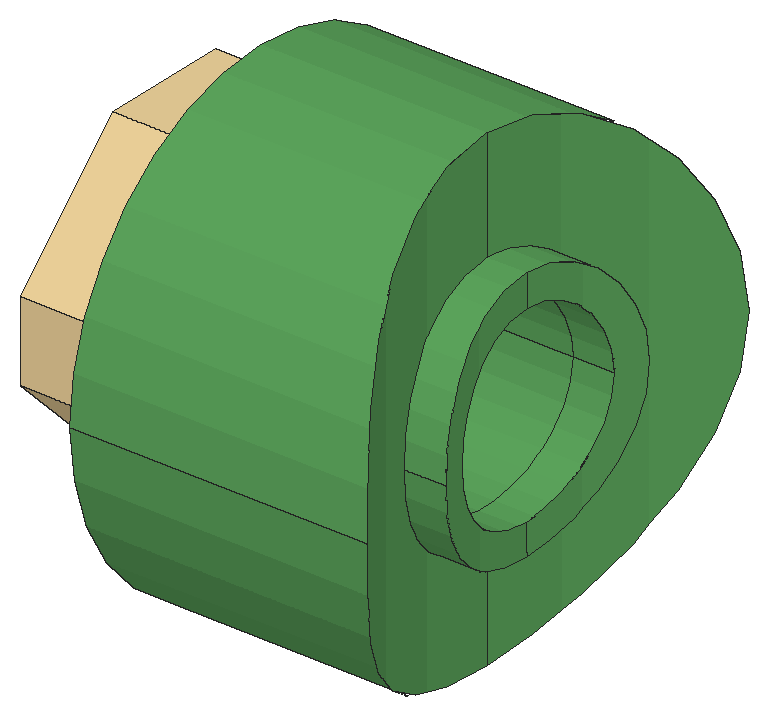
Revit family "Aquatherm_Вварное седло с внутренней резьбой", category Соединительные детали трубопроводов, Revit 2019
Family settings
  Размер круглого соединителя = Использовать диаметр
  Тип детали = Переход
  На основе рабочей плоскости = Нет
  Всегда вертикально = Да
  При загрузке вырезать с полостями = Нет
  Общий = Нет
Parameters (values of type "SDR 9")
  Нержавеющая сталь [instance] = not(Латунь)  # no
  Материал_Корпус_2 = AquaTherm латунь pipe
  Материал_Корпус = AquaTherm green pipe
  Латунь [instance] = yes
  z2 [instance] = size_lookup("Вварное седло с внутренней резьбой", "z2", 15 mm, D1, d, R, lt)  # 22 mm
  z [instance] = z2 / 3  # 7.333 mm
  n1 [instance] = if(R > d, l - z2, l)  # 21 mm
  n [instance] = if(R > d, 0 mm, z2)  # 0 mm
  lt [instance] = 0 mm
  URL = "www.agpipe.ru"
  SW1 [instance] = if(R > d, R + 9 mm, SW)  # 41 mm
  SW' [instance] = SW1 + 1 mm  # 42 mm
  SW [instance] = size_lookup("Вварное седло с внутренней резьбой", "SW", R + 10 mm, D1, d, R, lt)  # 39 mm
  SDR = 9 mm
  R1 [instance] = D1 / 2  # 55 mm
  d [instance] = 25 mm
  R [instance] = 32 mm
  D2 [instance] = D1 - 10 mm  # 100 mm
  D1 [instance] = 110 mm
  l [instance] = size_lookup("Вварное седло с внутренней резьбой", "l", 40 mm, D1, d, R, lt)  # 43 mm
  D [instance] = size_lookup("Вварное седло с внутренней резьбой", "D", d + 14 mm, D1, d, R, lt)  # 60 mm
  ADSK_Примечание = ""
  ADSK_Позиция [instance] = ""
  ADSK_Обозначение = ""
  ADSK_Наименование [instance] = size_lookup("Вварное седло с внутренней резьбой", "ADSK_Наименование", "Нет в каталоге", D1, d, R, lt)  # "Вварное седло с внутренней резьбой DN110x32x43"
  ADSK_Масса_Текст [instance] = size_lookup("Вварное седло с внутренней резьбой", "ADSK_Масса_Текст", "Нет в каталоге", D1, d, R, lt)  # "0.088"
  ADSK_Код изделия [instance] = size_lookup("Вварное седло с внутренней резьбой", "ADSK_Код изделия", "Нет в каталоге", D1, d, R, lt)  # "928266"
  ADSK_Завод-изготовитель = "Aquatherm"  # constant formula
  ADSK_Единица измерения = "шт."  # constant formula
  2 [instance] = R > d  # yes
  1 [instance] = not([2])  # no
Types (6, lengths in mm): name | SDR
  (no name) | 9
  SDR 6 | 6
  SDR 7.4 | 7.4
  SDR 9 | 9
  SDR 11 | 11
  SDR 17.6 | 17.6
Reference planes
  plane 1 "По центру (Вперед/Назад)": y = 0
  plane 2: z = 0
  plane 3 "По центру (Влево/Вправо)": x = 0
  plane 4: x = -13.75
  plane 5: x = 29.25
  plane 6: x = -68.75
  plane 7: x = 7.25
  plane 8: y = 30
  plane 9: y = -30
  plane 10: y = 16
  plane 11: y = -16
  plane 12: y = 12.5
  plane 13: y = -12.5
  plane 14: y = 12.5
  plane 15: y = -12.5
  plane 16: x = 14.583
  plane 17: y = 12.5
  plane 18: y = -12.5
  plane 19: y = 8.5
  plane 20: x = 29.25
  plane 21: x = 8.25
Forms (mm)
  Revolve 1, solid, material "AquaTherm green pipe" <- "Материал_Корпус", visible <- "1"
    sketch origin (0, 0, 0) x (1, 0, 0) y (0, 1, 0)
      loop
        line (14.583, 12.5) -> (14.583, 30) -> (-68.75, 30) -> (-68.75, 8.5) -> (0, 8.5) -> (0, 12.5) -> (14.583, 12.5)
      axis (-68.75, 0) -> (14.583, 0)
    angle from 0 to 360
  Extrusion 2, void
    sketch origin (0, 0, 0) x (1, 0, 0) y (0, 1, 0)
      loop
        circle (-68.75, 0) r 55
    from -249.569 to 503.03
  Revolve 3, solid, material "AquaTherm green pipe" <- "Материал_Корпус", visible <- "1"
    sketch origin (0, 0, 0) x (1, 0, 0) y (0, 1, 0)
      loop
        line (-13.75, 12.5) -> (-68.75, 12.5) -> (-68.75, 8.5) -> (-13.75, 8.5) -> (-13.75, 12.5)
      axis (-68.75, 0) -> (-13.75, 0)
    angle from 0 to 360
  Extrusion 4, void
    sketch origin (0, 0, 0) x (1, 0, 0) y (0, 1, 0)
      loop
        circle (-68.75, 0) r 50
    from -430.411 to 526.777
  Extrusion 5, solid, material "AquaTherm латунь pipe" <- "Материал_Корпус_2", visible <- "1"
    sketch origin (0, 0, 0) x (0, 1, 0) y (0, 0, 1)
      loop
        line (-8.491, 20.5) -> (-20.5, 8.491) -> (-20.5, -8.491) -> (-8.491, -20.5) -> (8.491, -20.5) -> (20.5, -8.491) -> (20.5, 8.491) -> (8.491, 20.5) -> (-8.491, 20.5)
      loop
        circle (0, 0) r 16
    from 14.583 to 29.25
  Extrusion 6, void
    sketch origin (0, 0, 0) x (0, 1, 0) y (0, 0, 1)
      loop
        line (-16.073, 16.073) -> (-22.73, 0) -> (-16.073, -16.073) -> (0, -22.73) -> (16.073, -16.073) -> (22.73, 0) -> (16.073, 16.073) -> (0, 22.73) -> (-16.073, 16.073)
      loop
        circle (0, 0) r 30
    from 14.583 to 29.25
Cuts and joins
  Extrusion 2, Extrusion 4, Extrusion 6 cuts Revolve 1
  Extrusion 4, Extrusion 6 cuts Revolve 3
  joined: Revolve 1, Revolve 3
  Extrusion 6 cuts Extrusion 5
Lines and regions (mm)
  reference lines
    curve 1: line (8.25, 0, 0) -> (29.25, 0, 0)
Dimensions and locks
  "l": plane 4 to plane 5
  "R1": plane 6 to plane 4
  "z2": plane 7 to plane 5
  equal spacing: plane 8, plane 1 "По центру (Вперед/Назад)", plane 9
  "D": plane 8 to plane 9
  equal spacing: plane 10, plane 1 "По центру (Вперед/Назад)", plane 11
  "R": plane 10 to plane 11
  equal spacing: plane 12, plane 1 "По центру (Вперед/Назад)", plane 13
  "d": plane 12 to plane 13
  equal spacing: plane 14, plane 1 "По центру (Вперед/Назад)", plane 15
  "d": plane 14 to plane 15
  locked: plane 14 to Revolve 3 sketch curve at 4
  "z": plane 7 to plane 16
  equal spacing: Extrusion 5 sketch curve, level, Extrusion 5 sketch curve
  "SW1": Extrusion 5 sketch curve to Extrusion 5 sketch curve  (x4)
  equal spacing: Extrusion 5 sketch curve, plane 1 "По центру (Вперед/Назад)", Extrusion 5 sketch curve
  equal spacing: Extrusion 5 sketch curve, curve 1, Extrusion 5 sketch curve  (x2)
  equal spacing: Extrusion 6 sketch curve, curve 1, Extrusion 6 sketch curve  (x4)
  "SW'": Extrusion 6 sketch curve to Extrusion 6 sketch curve  (x4)
  equal spacing: plane 18, plane 1 "По центру (Вперед/Назад)", plane 17
  "d": plane 18 to plane 17
  locked: plane 19 to plane 17 at 4
  Revolve 1 sketch curve to Revolve 1 sketch curve = 4 mm
  "n": plane 20 to plane 5
  "n1": plane 21 to plane 5
  "D1": diameter of Extrusion 2 sketch curve
  "D2": diameter of Extrusion 4 sketch curve
  "R": diameter of Extrusion 5 sketch curve
  "D": diameter of Extrusion 6 sketch curve
  locked: Extrusion 5 sketch curve to Extrusion 5 sketch curve (angle 135.00°)  (x4)
  locked: Extrusion 6 sketch curve to Extrusion 6 sketch curve (angle 135.00°)  (x4)
  aligned and locked: level to plane 2
  aligned and locked: plane 8 to Revolve 1 sketch curve
  aligned and locked: plane 6 to Revolve 1 sketch curve  (x2)
  aligned and locked: plane 6 to Extrusion 2 sketch curve
  aligned and locked: plane 1 "По центру (Вперед/Назад)" to Extrusion 2 sketch curve
  aligned and locked: Revolve 3 sketch curve to plane 6
  aligned and locked: Revolve 3 sketch curve to plane 12
  aligned and locked: plane 4 to Revolve 3 sketch curve
  aligned and locked: plane 1 "По центру (Вперед/Назад)" to curve 1
  aligned and locked: plane 5 to Extrusion 5
  aligned and locked: Extrusion 5 to plane 16
  aligned and locked: plane 5 to Extrusion 6
  aligned and locked: cut or joined group of Extrusion 5, Extrusion 6 to plane 16
  aligned and locked: Revolve 1 sketch curve to plane 19
  aligned and locked: nested 1 to plane 1 "По центру (Вперед/Назад)"
  aligned and locked: plane 20 to curve 1
  aligned and locked: plane 21 to curve 1
  aligned and locked: plane 4 to nested 1
Automatic sketch dimensions
  Revolve 1 sketch curve to plane 3 "По центру (Влево/Вправо)" = 0 mm
  Revolve 1 sketch curve to plane 16 = 0 mm
  plane 1 "По центру (Вперед/Назад)" to Revolve 1 sketch curve = 0 mm
  plane 5 to Revolve 1 sketch curve = 10.272 mm
  plane 1 "По центру (Вперед/Назад)" to Revolve 3 sketch curve = 0 mm
  Revolve 3 sketch curve to plane 6 = 7.956 mm
  plane 5 to Revolve 3 sketch curve = 1.203 mm
  plane 1 "По центру (Вперед/Назад)" to Extrusion 4 sketch curve = 0 mm
  Extrusion 4 sketch curve to plane 6 = 0 mm
  Extrusion 5 sketch curve to level = 0 mm
  Extrusion 5 sketch curve to plane 1 "По центру (Вперед/Назад)" = 0 mm
  Extrusion 6 sketch curve to plane 1 "По центру (Вперед/Назад)" = 0 mm  (x2)
  Extrusion 6 sketch curve to level = 0 mm  (x2)
Nested families
  nested 1: "седло" at (15.5, 0, 0) x (-1, 0, 0) z (0, 0, 1), D1 <- "D1", d <- "R", l <- "l", z2 <- "z2", D <- "D", R <- "d", SW <- "SW", Материал_Корпус <- "Материал_Корпус", 2 <- "2", type "седло"
    with Материал_Корпус AquaTherm green pipe, Латунь yes, z2 22 mm, z 7.333 mm, lt 0 mm, l 43 mm, d 32 mm, SW1 39 mm, SW' 40 mm, SW 39 mm, R1 55 mm, R 25 mm, D2 100 mm, D1 110 mm, D 60 mm, 2 yes
Connectors
  piping at (8.25, 0, 0), diameter 25, driven by "d"
    settings: on curve 1, index 1, connector inside diameter 609.6 mm, connector length 0 mm, flow factor 0, pipe flow 0.0 L/s, pressure drop 0.0 Pa, fitting loss kfactor 0, connector angle 0.00°, fixture units 0, engagement length 0 mm, angle of deflection 0.00°, flow configuration 0, flow direction 0, fitting loss method 0, system type 28, joint type 0, gender type 0, connector reference index 2, connector utility 0, adjustable connector no, is connector primary yes, connector description ""
  piping at (29.25, 0, 0), diameter 32, driven by "R"
    settings: on curve 1, index 2, connector inside diameter 609.6 mm, connector length 0 mm, flow factor 0, pipe flow 0.0 L/s, pressure drop 0.0 Pa, fitting loss kfactor 0, connector angle 0.00°, fixture units 0, engagement length 0 mm, angle of deflection 0.00°, flow configuration 0, flow direction 0, fitting loss method 0, system type 28, joint type 0, gender type 0, connector reference index 1, connector utility 0, adjustable connector no, is connector primary no, connector description ""
Definition of nested family "седло"
  Parameters (values of type "седло")
    Материал_Корпус_2 = none
    Материал_Корпус [instance] = none
    Латунь [instance] = yes
    z2 [instance] = 16 mm
    z [instance] = z2 / 3  # 5.333 mm
    lt [instance] = 0 mm
    SW1 [instance] = if(R > d, R + 9 mm, SW)  # 24 mm
    SW' [instance] = SW1 + 1 mm  # 25 mm
    SW [instance] = 24 mm
    R1 [instance] = D1 / 2  # 20 mm
    d [instance] = 25 mm
    R [instance] = 15 mm
    D2 [instance] = D1 - 10 mm  # 30 mm
    D1 [instance] = 40 mm
    l [instance] = 39 mm
    D [instance] = 38.5 mm
    2 [instance] = yes
  Reference planes
    plane 1 "По центру (Вперед/Назад)": y = 0
    plane 2: z = 0
    plane 3 "По центру (Влево/Вправо)": x = 0
    plane 4: x = -13.75
    plane 5: x = 25.25
    plane 6: x = -33.75
    plane 7: x = 9.25
    plane 8: y = 19.25
    plane 9: y = -19.25
    plane 10: y = 7.5
    plane 11: y = -7.5
    plane 12: y = 12.5
    plane 13: y = -12.5
    plane 14: y = 12.5
    plane 15: y = -12.5
    plane 16: x = 14.583
    plane 17: y = 12.5
    plane 18: y = -12.5
    plane 19: y = 8.5
  Forms (mm)
    Revolve 1, solid, material <- "Материал_Корпус", visible <- "2"
      sketch origin (0, 0, 0) x (1, 0, 0) y (0, 1, 0)
        loop
          line (9.25, 12.5) -> (14.583, 12.5) -> (14.583, 19.25) -> (-33.75, 19.25) -> (-33.75, 8.5) -> (0, 8.5) -> (0, 12.5) -> (9.25, 12.5)
        axis (-33.75, 0) -> (14.583, 0)
      angle from 0 to 360
    Extrusion 2, void
      sketch origin (0, 0, 0) x (1, 0, 0) y (0, 1, 0)
        loop
          circle (-33.75, 0) r 20
      from -249.569 to 503.03
    Revolve 3, solid, material <- "Материал_Корпус", visible <- "2"
      sketch origin (0, 0, 0) x (1, 0, 0) y (0, 1, 0)
        loop
          line (-13.75, 12.5) -> (-33.75, 12.5) -> (-33.75, 8.5) -> (-13.75, 8.5) -> (-13.75, 12.5)
        axis (-33.75, 0) -> (-13.75, 0)
      angle from 0 to 360
    Extrusion 4, void
      sketch origin (0, 0, 0) x (1, 0, 0) y (0, 1, 0)
        loop
          circle (-33.75, 0) r 15
      from -430.411 to 526.777
    Extrusion 5, solid, material <- "Материал_Корпус_2", visible <- "2"
      sketch origin (0, 0, 0) x (0, 1, 0) y (0, 0, 1)
        loop
          line (-4.971, 12) -> (-12, 4.971) -> (-12, -4.971) -> (-4.971, -12) -> (4.971, -12) -> (12, -4.971) -> (12, 4.971) -> (4.971, 12) -> (-4.971, 12)
        loop
          circle (0, 0) r 7.5
      from 14.583 to 25.25
  Cuts and joins
    Extrusion 2, Extrusion 4 cuts Revolve 1
    Extrusion 4 cuts Revolve 3
    joined: Revolve 1, Revolve 3
  Dimensions and locks
    "l": plane 4 to plane 5
    "R1": plane 6 to plane 4
    "z2": plane 7 to plane 5
    equal spacing: plane 8, plane 1 "По центру (Вперед/Назад)", plane 9
    "D": plane 8 to plane 9
    equal spacing: plane 10, plane 1 "По центру (Вперед/Назад)", plane 11
    "R": plane 10 to plane 11
    equal spacing: plane 12, plane 1 "По центру (Вперед/Назад)", plane 13
    "d": plane 12 to plane 13
    equal spacing: plane 14, plane 1 "По центру (Вперед/Назад)", plane 15
    "d": plane 14 to plane 15
    locked: plane 14 to Revolve 3 sketch curve at 4
    "z": plane 7 to plane 16
    equal spacing: Extrusion 5 sketch curve, level, Extrusion 5 sketch curve
    "SW1": Extrusion 5 sketch curve to Extrusion 5 sketch curve  (x4)
    equal spacing: Extrusion 5 sketch curve, plane 1 "По центру (Вперед/Назад)", Extrusion 5 sketch curve
    Extrusion 5 sketch curve to Extrusion 5 sketch curve = 24 mm  (x2)
    equal spacing: plane 18, plane 1 "По центру (Вперед/Назад)", plane 17
    "d": plane 18 to plane 17
    locked: plane 19 to plane 17 at 4
    "D1": diameter of Extrusion 2 sketch curve
    "D2": diameter of Extrusion 4 sketch curve
    "R": diameter of Extrusion 5 sketch curve
    locked: Extrusion 5 sketch curve to Extrusion 5 sketch curve (angle 135.00°)  (x4)
    aligned and locked: level to plane 2
    aligned and locked: plane 8 to Revolve 1 sketch curve
    aligned and locked: plane 6 to Revolve 1 sketch curve  (x2)
    aligned and locked: plane 6 to Extrusion 2 sketch curve
    aligned and locked: plane 1 "По центру (Вперед/Назад)" to Extrusion 2 sketch curve
    aligned and locked: Revolve 3 sketch curve to plane 6
    aligned and locked: Revolve 3 sketch curve to plane 12
    aligned and locked: plane 4 to Revolve 3 sketch curve
    aligned and locked: plane 16 to Revolve 1 sketch curve
    aligned and locked: plane 5 to Extrusion 5
    aligned and locked: Extrusion 5 to plane 16
    aligned and locked: Revolve 1 sketch curve to plane 19
    aligned and locked: plane 17 to Revolve 1 sketch curve
  Automatic sketch dimensions
    Revolve 1 sketch curve to plane 3 "По центру (Влево/Вправо)" = 0 mm
    Revolve 1 sketch curve to plane 7 = 0 mm
    plane 1 "По центру (Вперед/Назад)" to Revolve 1 sketch curve = 0 mm
    plane 5 to Revolve 1 sketch curve = 10.272 mm
    plane 1 "По центру (Вперед/Назад)" to Revolve 3 sketch curve = 0 mm
    Revolve 3 sketch curve to plane 6 = 7.956 mm
    Revolve 3 sketch curve to plane 5 = 3.655 mm
    plane 1 "По центру (Вперед/Назад)" to Extrusion 4 sketch curve = 0 mm
    Extrusion 4 sketch curve to plane 6 = 0 mm
    Extrusion 5 sketch curve to level = 0 mm
    Extrusion 5 sketch curve to plane 1 "По центру (Вперед/Назад)" = 0 mm
    plane 1 "По центру (Вперед/Назад)" to Extrusion 5 sketch curve = 4.971 mm  (x2)
